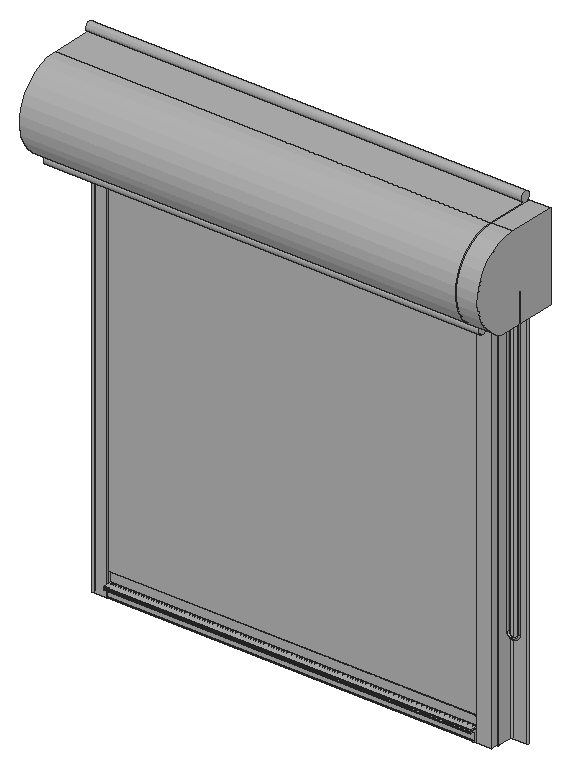
Revit family "Door_Service_FaceOfWallMount_Cookson", category Doors, host Wall, Revit 2013
Parameters (values of type "Hand-Chain Operated, Galvanized Steel")
  Sizing Disclaimer = "30’ wide, 30’ high standard construction. Larger Openings possible, consult factory"  # constant formula
  Wall Construction = "Masonry, Steel or Wood"  # constant formula
  Revit Object Download Link = "http://cornellcookson.smartbim.com/download/Door_Service_FaceOfWallMount_Cookson"
  Mounting = "Face of Wall"  # constant formula
  Motor = no
  Function = Interior
  Curtain 2 5/8" Slat = Galvanized steel (curtain only)
  Cost Note = "Based on size, materials selected. Consult Cookson"  # constant formula
  Cost = 0
  Chain = yes
  Bottom Bar = Galvanized or powder coated plain steel (non curtain components)
  Guides = Galvanized or powder coated plain steel (non curtain components)
  Hood = Galvanized or powder coated plain steel (non curtain components)
  URL Specifications = "http://www.cooksondoor.com/docs/default-source/Specifications/service-door-specification_k.doc"
  URL Photographs = "http://www.cooksondoor.com/product/service-doors"
  URL CAD = "http://www.cooksondoor.com/architect-tools-and-resources/drawing-generator?prod=sd"
  URL = "http://www.cooksondoor.com/product/service-doors"
  Subcategory = "Roll Up"  # constant formula
  Optional aluminum, color anodized finish = no
  Optional Powder Coated Finish, standard RAL colors, Galv. Steel and Aluminum only = no
  Representative Disclaimer = "Cookson products are sold and installed through a nationwide network of independent distributors"  # constant formula
  Distributor Locator = "http://www.cooksondoor.com/find-a-dealer"
  Operator Height = Height / 1.5  # 5' - 4"
  Operator = Operator : Hand-Chain
  Operation = ""
  From Coil Side Operate on Right = yes
  Model = "ESD10 "  # constant formula
  Manufacturer = "CornellCookson,Inc."  # constant formula
  From Coil Side Operate on Left = not(From Coil Side Operate on Right)  # no
  LEED Information = "http://www.cooksondoor.com/architect-tools-and-resources/leed-information"
  Height = 8' - 0"
  Wall Closure = By host
  Width = 6' - 0"
  Guide Height = Height - 1' 5 45/128"  # 6' - 6 83/128"
  Windload = "A full range of specific wind load requirements available- Consult Cookson."  # constant formula
  Coil Dimension Note = "14In to 22In -  Consult Cookson when dimensions are critical"  # constant formula
  Jamb Dimension Note = "2 3/8In to  9 3/4In wide. Consult Cornell when dimensions are critical."  # constant formula
  Drip Extension = 0' - 3"
  Description = "Built to order metal slatted rolling doors provide security against entry and/or weather protection"  # constant formula
  Assembly Code = "B2030410"
  95 CSI = "08330"  # constant formula
  04 CSI = "08 33 00"  # constant formula
Types (12): name | Revit Object Download Link | Motor | Curtain 2 5/8" Slat | Chain | Bottom Bar | Guides | Hood | Operator
  Hand-Chain Operated, Aluminium (Anodized Finish) | "http://cornellcookson.smartbim.com/download/Door-Service_FaceOfWallMount_Cookson" | no | Aluminum, anodized finish (curtain only) | yes | Aluminum, anodized finish (non-curtain components) | Aluminum, anodized finish (non-curtain components) | Aluminum, anodized finish (non-curtain components) | Operator : Hand-Chain
  Hand-Chain Operated, Aluminium (Mill Finish) | "http://cornellcookson.smartbim.com/download/Door-Service_FaceOfWallMount_Cookson" | no | Aluminum, mill finish (curtain only) | yes | Aluminum, mill finish (non-curtain components) | Aluminum, mill finish (non-curtain components) | Aluminum, mill finish (non-curtain components) | Operator : Hand-Chain
  Hand-Chain Operated, Galvanized Steel | "http://cornellcookson.smartbim.com/download/Door_Service_FaceOfWallMount_Cookson" | no | Galvanized steel (curtain only) | yes | Galvanized or powder coated plain steel (non curtain components) | Galvanized or powder coated plain steel (non curtain components) | Galvanized or powder coated plain steel (non curtain components) | Operator : Hand-Chain
  Hand-Chain Operated, Stainless Steel | "http://cornellcookson.smartbim.com/download/Door-Service_FaceOfWallMount_Cookson" | no | Stainless steel (curtain only) | yes | Stainless steel (non-curtain components) | Stainless steel (non-curtain components) | Stainless steel (non-curtain components) | Operator : Hand-Chain
  Motor Operated, Aluminium (Anodized Finish) | "http://cornellcookson.smartbim.com/download/Door-Service_FaceOfWallMount_Cookson" | yes | Aluminum, anodized finish (curtain only) | no | Aluminum, anodized finish (non-curtain components) | Aluminum, anodized finish (non-curtain components) | Aluminum, anodized finish (non-curtain components) | Operator : Motor Operator
  Motor Operated, Aluminium (Mill Finish) | "http://cornellcookson.smartbim.com/download/Door-Service_FaceOfWallMount_Cookson" | yes | Aluminum, mill finish (curtain only) | no | Aluminum, mill finish (non-curtain components) | Aluminum, mill finish (non-curtain components) | Aluminum, mill finish (non-curtain components) | Operator : Motor Operator
  Motor Operated, Galvanized Steel | "http://cornellcookson.smartbim.com/download/Door-Service_FaceOfWallMount_Cookson" | yes | Galvanized steel (curtain only) | no | Galvanized or powder coated plain steel (non curtain components) | Galvanized or powder coated plain steel (non curtain components) | Galvanized or powder coated plain steel (non curtain components) | Operator : Motor Operator
  Motor Operated, Stainless Steel | "http://cornellcookson.smartbim.com/download/Door-Service_FaceOfWallMount_Cookson" | yes | Stainless steel (curtain only) | no | Stainless steel (non-curtain components) | Stainless steel (non-curtain components) | Stainless steel (non-curtain components) | Operator : Motor Operator
  Push-Up Operated, Aluminium (Anodized Finish) | "http://cornellcookson.smartbim.com/download/Door-Service_FaceOfWallMount_Cookson" | no | Aluminum, anodized finish (curtain only) | no | Aluminum, anodized finish (non-curtain components) | Aluminum, anodized finish (non-curtain components) | Aluminum, anodized finish (non-curtain components) | Operator : Push-UP
  Push-Up Operated, Aluminium (Mill Finish) | "http://cornellcookson.smartbim.com/download/Door-Service_FaceOfWallMount_Cookson" | no | Aluminum, mill finish (curtain only) | no | Aluminum, mill finish (non-curtain components) | Aluminum, mill finish (non-curtain components) | Aluminum, mill finish (non-curtain components) | Operator : Push-UP
  Push-Up Operated, Galvanized Steel | "http://cornellcookson.smartbim.com/download/Door-Service_FaceOfWallMount_Cookson" | no | Galvanized steel (curtain only) | no | Galvanized or powder coated plain steel (non curtain components) | Galvanized or powder coated plain steel (non curtain components) | Galvanized or powder coated plain steel (non curtain components) | Operator : Push-UP
  Push-Up Operated, Stainless Steel | "http://cornellcookson.smartbim.com/download/Door-Service_FaceOfWallMount_Cookson" | no | Stainless steel (curtain only) | no | Stainless steel (non-curtain components) | Stainless steel (non-curtain components) | Stainless steel (non-curtain components) | Operator : Push-UP
Reference planes (in)
  plane 1 "Center (Front/Back)": y = 0
  plane 2 "Center (Left/Right)": x = 0
  plane 3 "Left": x = -36
  plane 4 "Right": x = 36
  plane 5 "Top": z = 75.64844
  plane 6 "Wall Edge": y = -4
  plane 7 "Left Edge of Hood": x = -42.75
  plane 8: x = -41.50126
  plane 9: y = -4
  plane 10 "Right Edge of Hood": x = 42.75
  plane 11: x = 41.5
  plane 12 "Top of Hood": z = 96
  plane 13: z = 78.64844
  plane 14 "Bottom Bar Alignment": y = -7.9375
  plane 15 "Bottom Bar Left": x = -39.25126
  plane 16 "Bottom Bar Right": x = 39.25126
  plane 17 "Bottom": z = 4.39975
  plane 18: y = -22
Forms (in)
  Extrusion 1, solid, material "Galvanized steel (curtain only)" <- "Curtain 2 5/8" Slat"
    sketch origin (0, 0, 0) x (1, 0, 0) y (0, 1, 0)
      loop
        line (-38.37626, -7.625) -> (-38.37626, -8.25) -> (38.375, -8.25) -> (38.375, -7.625) -> (-38.37626, -7.625)
    from 4.39975 to 78.64844
  Sweep 2, solid, material "Galvanized or powder coated plain steel (non curtain components)" <- "Guides"
    path origin (0, -7.9375, 0) x (1, 0, 0) y (0, 0, 1)
      loop
        line (36, 0) -> (-36, 0)
    profile "Profile_BottomBar : Profile_BottomBar" origin (0, -7.9375, 0) x (0, 0, -1) y (0, -1, 0)
      loop
        arc (-2.58725, -0.14) -> (-2.54306, -0.15831) -> (-2.52475, -0.2025) r 0.0625
        line (-2.52475, -0.2025) -> (-2.52475, -1.9525)
        arc (-2.52475, -1.9525) -> (-2.50644, -1.99669) -> (-2.46225, -2.015) r 0.0625
        line (-2.46225, -2.015) -> (-2.39975, -2.015) -> (-2.39975, -0.015) -> (-2.33875, -0.015) -> (-2.33875, -0.157)
        arc (-2.33875, -0.157) -> (-2.24825, -0.2475) -> (-2.15775, -0.157) r 0.0905
        line (-2.15775, -0.157) -> (-2.15775, -0.0625) -> (-2.09375, -0.0625) -> (-2.09375, -1.84625) -> (-1.96875, -1.84625) -> (-1.96875, -1.09625)
        arc (-1.96875, -1.09625) -> (-1.93214, -1.00786) -> (-1.84375, -0.97125) r 0.125
        line (-1.84375, -0.97125) -> (-0.25, -0.97125)
        arc (-0.25, -0.97125) -> (-0.07322, -0.89803) -> (0, -0.72125) r 0.25
        line (0, -0.72125) -> (0, 0.77875)
        arc (0, 0.77875) -> (-0.07322, 0.95553) -> (-0.25, 1.02875) r 0.25
        line (-0.25, 1.02875) -> (-1.84375, 1.02875)
        arc (-1.84375, 1.02875) -> (-1.93214, 1.06536) -> (-1.96875, 1.15375) r 0.125
        line (-1.96875, 1.15375) -> (-1.96875, 1.90375) -> (-2.09375, 1.90375) -> (-2.09375, 0.0625) -> (-2.15775, 0.0625) -> (-2.15775, 0.157)
        arc (-2.15775, 0.157) -> (-2.24825, 0.2475) -> (-2.33875, 0.157) r 0.0905
        line (-2.33875, 0.157) -> (-2.33875, 0.015) -> (-2.39975, 0.015) -> (-2.39975, 2.015) -> (-2.46225, 2.015)
        arc (-2.46225, 2.015) -> (-2.50644, 1.99669) -> (-2.52475, 1.9525) r 0.0625
        line (-2.52475, 1.9525) -> (-2.52475, 0.2025)
        arc (-2.52475, 0.2025) -> (-2.54306, 0.15831) -> (-2.58725, 0.14) r 0.0625
        line (-2.58725, 0.14) -> (-4.33725, 0.14)
        arc (-4.33725, 0.14) -> (-4.38144, 0.12169) -> (-4.39975, 0.0775) r 0.0625
        line (-4.39975, 0.0775) -> (-4.39975, -0.0775)
        arc (-4.39975, -0.0775) -> (-4.38144, -0.12169) -> (-4.33725, -0.14) r 0.0625
        line (-4.33725, -0.14) -> (-2.58725, -0.14)
Lines and regions (in)
  Opening 1
    outline origin (-90, -4, 0) x (1, 0, 0) y (0, 0, 1)
      loop
        line (54, 0) -> (126, 0) -> (126, 75.64844) -> (54, 75.64844) -> (54, 0)
  symbolic lines, style "Doors"
    curve 1: line (38.375, -7.625, 0) -> (-38.37626, -7.625, 0)
    curve 2: line (38.375, -8.25, 0) -> (38.375, -7.625, 0)
    curve 3: line (-38.37626, -8.25, 0) -> (38.375, -8.25, 0)
    curve 4: line (-38.37626, -7.625, 0) -> (-38.37626, -8.25, 0)
    curve 5: line (-36, -5.9225, 0) -> (36, -5.9225, 0)
    curve 6: line (-36, -9.9525, 0) -> (-36, -8.25, 0)
    curve 7: line (36, -9.9525, 0) -> (-36, -9.9525, 0)
    curve 8: line (36, -5.9225, 0) -> (36, -7.625, 0)
    curve 9: line (-36, -7.625, 0) -> (-36, -5.9225, 0)
    curve 10: line (36, -8.25, 0) -> (36, -9.9525, 0)
Text (in)
  text "Exterior" at (-74.96733, 27.31104, 0), in view "Ref. Level"
  text "Interior" at (-74.96733, -25.14366, 0), in view "Ref. Level"
  text "Exterior" at (0, 40.15149, 123.01588), in view "Right"
  text "Interior" at (0, -64.39139, 123.01588), in view "Right"
  text "Interior" at (0, -63.63426, 123.00693), in view "Left"
  text "Exterior" at (0, 54.57065, 123.00693), in view "Left"
Dimensions and locks (in)
  equal spacing: plane 3 "Left", plane 2 "Center (Left/Right)", plane 4 "Right"
  "Width": plane 3 "Left" to plane 4 "Right"
  locked: plane 7 "Left Edge of Hood" to plane 3 "Left" at 6.75
  locked: plane 9 to plane 6 "Wall Edge"
  locked: plane 10 "Right Edge of Hood" to plane 4 "Right" at 6.75
  locked: plane 4 "Right" to plane 11 at 5.5
  locked: plane 8 to plane 3 "Left" at 5.50126
  locked: nested 1 to Extrusion 1 sketch curve at 0.625
  locked: Extrusion 1 sketch curve to nested 2 at 0.625
  locked: Extrusion 1 sketch curve to Extrusion 1 sketch curve at 0.625
  "Drip Extension": plane 13 to plane 5 "Top"
  locked: plane 12 "Top of Hood" to plane 13 at 17.35156
  locked: plane 14 "Bottom Bar Alignment" to plane 9 at 3.9375
  locked: plane 15 "Bottom Bar Left" to plane 3 "Left" at 3.25126
  locked: plane 4 "Right" to plane 16 "Bottom Bar Right" at 3.25126
  locked: level to plane 17 "Bottom" at 4.39975
  plane 4 "Right" to plane 10 "Right Edge of Hood" = 0' - 6 3/4"
  "Height": plane 12 "Top of Hood" to level
  nested 3 to nested 3 = 1' - 5"
  locked: host wall to plane 18 at 18
  aligned and locked: plane 3 "Left" to Opening 1 sketch curve
  aligned and locked: plane 5 "Top" to Opening 1 sketch curve  (x2)
  aligned and locked: Opening 1 sketch curve to plane 4 "Right"
  aligned and locked: Opening 1 sketch curve to level
  aligned and locked: plane 6 "Wall Edge" to host wall
  aligned and locked: nested 1 to plane 9
  aligned and locked: nested 1 to plane 8
  aligned and locked: plane 11 to nested 2
  aligned and locked: plane 9 to nested 2
  aligned and locked: level to Sweep 2 sketch curve
  aligned and locked: plane 4 "Right" to Sweep 2 sketch curve
  aligned and locked: plane 3 "Left" to Sweep 2 sketch curve
  aligned and locked: Extrusion 1 to Sweep 2
  aligned and locked: plane 13 to Extrusion 1
  aligned and locked: nested 3 to plane 13
  aligned and locked: level to nested 2
  aligned and locked: nested 1 to level
  aligned and locked: nested 3 to plane 2 "Center (Left/Right)"
  aligned and locked: plane 6 "Wall Edge" to nested 3
  aligned and locked: plane 18 to nested 3
  aligned and locked: curve 1 to Extrusion 1
  aligned and locked: curve 2 to Extrusion 1
  aligned and locked: curve 3 to Extrusion 1
  aligned and locked: curve 4 to Extrusion 1
  aligned and locked: curve 5 to Sweep 2
  aligned and locked: curve 6 to Sweep 2
  aligned and locked: curve 7 to Sweep 2
  aligned and locked: curve 8 to Sweep 2
Automatic sketch dimensions
  plane 14 "Bottom Bar Alignment" to Extrusion 1 sketch curve = 0' - 0 5/16"
  curve 4 to plane 14 "Bottom Bar Alignment" = 0' - 0 5/16"
  plane 15 "Bottom Bar Left" to curve 4 = 0' - 0 7/8"
  plane 16 "Bottom Bar Right" to curve 2 = 0' - 0.87626"
  plane 14 "Bottom Bar Alignment" to curve 3 = 0' - 0 5/16"
  plane 14 "Bottom Bar Alignment" to curve 6 = 0' - 0 5/16"
  curve 8 to plane 14 "Bottom Bar Alignment" = 0' - 0 5/16"
  curve 10 to plane 4 "Right" = 0' - 0"
  plane 14 "Bottom Bar Alignment" to curve 10 = 0' - 0 5/16"
  curve 9 to plane 3 "Left" = 0' - 0"
  curve 9 to plane 14 "Bottom Bar Alignment" = 0' - 0 5/16"
Nested families (in)
  nested 1: "Guide-Wall" at (-41.50126, -4, 0), type "Guide"
  nested 2: "Guide-Wall" at (41.5, -4, 0) x (-1, 0, 0) z (0, 0, 1), type "Guide"
  nested 3: "Operator" at (0, -12.5, -8.8478), type <- "Operator", type "Hand-Chain"
Definition of nested family "Guide-Wall"
  Parameters (values of type "Guide")
    Height = 6' - 6 83/128"
    Guide = Galvanized or powder coated plain steel (non curtain components)
    Assembly Code = ""
  Reference planes (in)
    plane 1 "Center (Front/Back)": y = 0
    plane 2: z = 0
    plane 3 "Center (Left/Right)": x = 0
    plane 4: z = 78.64844
    plane 5 "Center Line": x = 4.5
    plane 6: y = -0.25
    plane 7: y = -3.75
    plane 8: y = -3.5
  Forms (in)
    Extrusion 1, solid, material "Galvanized or powder coated plain steel (non curtain components)" <- "Guide"
      sketch origin (0, 0, 0) x (1, 0, 0) y (0, 1, 0)
        loop
          line (-1, -0.25) -> (1.625, -0.25)
          arc (1.625, -0.25) -> (1.89017, -0.35983) -> (2, -0.625) r 0.375
          line (2, -0.625) -> (2, -3.25)
          arc (2, -3.25) -> (2.07322, -3.42678) -> (2.25, -3.5) r 0.25
          line (2.25, -3.5) -> (2.25, -4.75) -> (5.25, -4.75)
          arc (5.25, -4.75) -> (5.17678, -4.57322) -> (5, -4.5) r 0.25
          line (5, -4.5) -> (2.875, -4.5)
          arc (2.875, -4.5) -> (2.60983, -4.39017) -> (2.5, -4.125) r 0.375
          line (2.5, -4.125) -> (2.5, -3.062) -> (5.5, -3.062)
          arc (5.5, -3.062) -> (5.44508, -2.92942) -> (5.3125, -2.8745) r 0.1875
          line (5.3125, -2.8745) -> (3, -2.8745)
          arc (3, -2.8745) -> (2.77903, -2.78297) -> (2.6875, -2.562) r 0.3125
          line (2.6875, -2.562) -> (2.6875, -1.2495)
          arc (2.6875, -1.2495) -> (2.63258, -1.11692) -> (2.5, -1.062) r 0.1875
          line (2.5, -1.062) -> (2.5, -1.5)
          arc (2.5, -1.5) -> (2.42678, -1.32322) -> (2.25, -1.25) r 0.25
          line (2.25, -1.25) -> (2.25, 0) -> (-1.25, 0)
          arc (-1.25, 0) -> (-1.17678, -0.17678) -> (-1, -0.25) r 0.25
      from 0 to 78.64844
  Lines and regions (in)
    symbolic lines
      curve 1: line (2.25, 0, 0) -> (2.25, -4.75, 0)
      curve 2: line (2.5, -3.5, 0) -> (2.5, -1.5, 0)
      curve 3: line (4, -3.062, 0) -> (4.75, -3.062, 0)
    symbolic lines, style "GenericModel"
      curve 4: line (2.6875, -2.562, 0) -> (2.6875, -1.2495, 0)
      curve 5: arc (3, -2.8745, 0) -> (2.77903, -2.78297, 0) -> (2.6875, -2.562, 0) r 0.3125
      curve 6: line (5.3125, -2.8745, 0) -> (3, -2.8745, 0)
      curve 7: arc (2.6875, -1.2495, 0) -> (2.63258, -1.11692, 0) -> (2.5, -1.062, 0) r 0.1875
      curve 8: arc (5.5, -3.062, 0) -> (5.44508, -2.92942, 0) -> (5.3125, -2.8745, 0) r 0.1875
      curve 9: line (2.5, -3.062, 0) -> (5.5, -3.062, 0)
      curve 10: line (2.5, -1.062, 0) -> (2.5, -1.5, 0)
      curve 11: arc (2.5, -1.5, 0) -> (2.42678, -1.32322, 0) -> (2.25, -1.25, 0) r 0.25
      curve 12: arc (2.875, -4.5, 0) -> (2.60983, -4.39017, 0) -> (2.5, -4.125, 0) r 0.375
      curve 13: line (5, -4.5, 0) -> (2.875, -4.5, 0)
      curve 14: arc (5.25, -4.75, 0) -> (5.17678, -4.57322, 0) -> (5, -4.5, 0) r 0.25
      curve 15: line (2.5, -4.125, 0) -> (2.5, -3.062, 0)
      curve 16: line (2.25, -4.75, 0) -> (5.25, -4.75, 0)
      curve 17: line (2.25, -3.5, 0) -> (2.25, -4.75, 0)
      curve 18: arc (2, -3.25, 0) -> (2.07322, -3.42678, 0) -> (2.25, -3.5, 0) r 0.25
      curve 19: line (2, -0.625, 0) -> (2, -3.25, 0)
      curve 20: arc (1.625, -0.25, 0) -> (1.89017, -0.35983, 0) -> (2, -0.625, 0) r 0.375
      curve 21: line (-1, -0.25, 0) -> (1.625, -0.25, 0)
      curve 22: line (2.25, -1.25, 0) -> (2.25, 0, 0)
      curve 23: line (2.25, 0, 0) -> (-1.25, 0, 0)
      curve 24: arc (-1.25, 0, 0) -> (-1.17678, -0.17678, 0) -> (-1, -0.25, 0) r 0.25
  Dimensions and locks (in)
    "Height": plane 4 to plane 2
    locked: plane 3 "Center (Left/Right)" to plane 5 "Center Line" at 4.5
    aligned and locked: plane 2 to level
    aligned and locked: plane 1 "Center (Front/Back)" to Extrusion 1 sketch curve
    aligned and locked: plane 6 to Extrusion 1
    aligned and locked: plane 4 to Extrusion 1
    aligned and locked: curve 1 to Extrusion 1
    aligned and locked: plane 8 to curve 2
    aligned and locked: Extrusion 1 to curve 2
    aligned and locked: curve 5 to Extrusion 1
    aligned and locked: curve 7 to Extrusion 1
    aligned and locked: curve 8 to Extrusion 1
    aligned and locked: curve 9 to Extrusion 1
    aligned and locked: curve 10 to Extrusion 1
    aligned and locked: curve 11 to Extrusion 1
    aligned and locked: curve 12 to Extrusion 1
    aligned and locked: curve 14 to Extrusion 1
    aligned and locked: curve 16 to Extrusion 1
    aligned and locked: curve 17 to Extrusion 1
    aligned and locked: curve 18 to Extrusion 1
    aligned and locked: curve 20 to Extrusion 1
    aligned and locked: curve 22 to Extrusion 1
    aligned and locked: curve 23 to Extrusion 1
    aligned and locked: curve 24 to Extrusion 1
  Automatic sketch dimensions
    Extrusion 1 sketch curve to plane 8 = 0' - 0"
    plane 5 "Center Line" to Extrusion 1 sketch curve = 0' - 0 3/4"
    plane 7 to Extrusion 1 sketch curve = 0' - 1"
    Extrusion 1 sketch curve to Extrusion 1 sketch curve = 0' - 0 1/4"  (x4)
    Extrusion 1 sketch curve to Extrusion 1 sketch curve = 0' - 0 3/8"
    Extrusion 1 sketch curve to Extrusion 1 sketch curve = 0' - 0 5/16"
    Extrusion 1 sketch curve to Extrusion 1 sketch curve = 0' - 0 3/16"  (x2)
    Extrusion 1 sketch curve to Extrusion 1 sketch curve = 0' - 2.2505"
    plane 3 "Center (Left/Right)" to Extrusion 1 sketch curve = 0' - 1 5/8"
    Extrusion 1 sketch curve to Extrusion 1 sketch curve = 0' - 0 5/8"
    Extrusion 1 sketch curve to Extrusion 1 sketch curve = 0' - 1 3/4"
    Extrusion 1 sketch curve to plane 6 = 0' - 0"
    Extrusion 1 sketch curve to plane 6 = 0' - 0 3/8"
    Extrusion 1 sketch curve to plane 3 "Center (Left/Right)" = 0' - 1"
    curve 3 to plane 8 = 0' - 0.438"
    Extrusion 1 sketch curve to Extrusion 1 sketch curve = 0' - 0.188"
    plane 5 "Center Line" to Extrusion 1 sketch curve = 0' - 0 13/16"
    curve 3 to plane 5 "Center Line" = 0' - 0 1/2"
    plane 5 "Center Line" to curve 3 = 0' - 0 1/4"
    plane 8 to curve 17 = 0' - 0"
    curve 22 to curve 11 = 0' - 0"
Definition of nested family "Operator"
  Parameters (values of type "Motor Operator")
    Straight = no
    Overall Width = Width + (2 * 0' 6 3/4")  # 7' - 1 1/2"
    Motor Visibility = not(Motor)  # yes
    Inner Width = Width - 2 * 0' 11"  # 4' - 2"
    Roller Chamber = Aluminum, anodized finish (non-curtain components)
    Right = yes
    Pull = no
    Width = 6' - 0"
    Operator Height = Height / 1.5  # 5' - 4"
    Motor = no
    Material = Aluminum, anodized finish (non-curtain components)
    Left = no
    Height = 8' - 0"
    Chain = no
    Bottom Bar = Aluminum, anodized finish (non-curtain components)
    Assembly Code = ""
  Types (3): name | Straight | Pull | Left | Chain
    Hand-Chain | yes | no | no | yes
    Motor Operator | no | no | no | no
    Push-UP | yes | yes | yes | no
  Reference planes (in)
    plane 1 "Center (Front/Back)": y = 0
    plane 2: z = 0
    plane 3 "Center (Left/Right)": x = 0
    plane 4: x = -25
    plane 5: x = 25
    plane 6: z = 96
    plane 7: y = 8.5
    plane 8: z = 87.49623
    plane 9: x = 42.75
    plane 10: x = -42.75
    plane 11: y = -27.30859
    plane 12: z = 104.87645
    plane 13: x = -36
    plane 14: x = 36
    plane 15: y = -9.5
  Forms (in)
    Sweep 1, solid, material "Aluminum, anodized finish (non-curtain components)" <- "Bottom Bar"
      path origin (-42.75, -180, 87.49623) x (0, -1, 0) y (1, 0, 0)
        loop
          line (-188.5, 0) -> (-188.5, 85.5)
      profile "Profile_Hood : Profile_Hood" origin (0, 8.5, 87.49623) x (0, 1, 0) y (0, 0, 1)
        loop
          line (0, 17.00521) -> (-0.66297, 17.00521)
          arc (-0.66297, 17.00521) -> (-0.90144, 18.75706) -> (-1.09786, 17) r 0.89077
          line (-1.09786, 17) -> (-9.29496, 17)
          arc (-9.29496, 17) -> (-17.9131, 9.52117) -> (-11.72268, -0.06445) r 8.70492
          arc (-11.72268, -0.06445) -> (-11.23442, -1.71462) -> (-11.38123, 0) r 0.86487
          line (-11.38123, 0) -> (0, 0) -> (0, 17.00521)
    Sweep 2, solid, material "Aluminum, anodized finish (non-curtain components)" <- "Bottom Bar", visible <- "Pull"
      path origin (-42.75, -200.5, 87.49623) x (0, -1, 0) y (1, 0, 0)
        loop
          line (-209, 0) -> (-209, 85.5)
      profile "Profile_Hood : Profile_Hood" origin (0, 8.5, 87.49623) x (0, 1, 0) y (0, 0, 1)
        loop
          line (0, 17.00521) -> (-0.66297, 17.00521)
          arc (-0.66297, 17.00521) -> (-0.90144, 18.75706) -> (-1.09786, 17) r 0.89077
          line (-1.09786, 17) -> (-9.29496, 17)
          arc (-9.29496, 17) -> (-17.9131, 9.52117) -> (-11.72268, -0.06445) r 8.70492
          arc (-11.72268, -0.06445) -> (-11.23442, -1.71462) -> (-11.38123, 0) r 0.86487
          line (-11.38123, 0) -> (0, 0) -> (0, 17.00521)
    Sweep 3, solid, material "Aluminum, anodized finish (non-curtain components)" <- "Bottom Bar", visible <- "Chain"
      path origin (-42.75, -219.5, 87.49623) x (0, -1, 0) y (1, 0, 0)
        loop
          line (-228, 0) -> (-228, 85.5)
      profile "Profile_Hood : Profile_Hood" origin (0, 8.5, 87.49623) x (0, 1, 0) y (0, 0, 1)
        loop
          line (0, 17.00521) -> (-0.66297, 17.00521)
          arc (-0.66297, 17.00521) -> (-0.90144, 18.75706) -> (-1.09786, 17) r 0.89077
          line (-1.09786, 17) -> (-9.29496, 17)
          arc (-9.29496, 17) -> (-17.9131, 9.52117) -> (-11.72268, -0.06445) r 8.70492
          arc (-11.72268, -0.06445) -> (-11.23442, -1.71462) -> (-11.38123, 0) r 0.86487
          line (-11.38123, 0) -> (0, 0) -> (0, 17.00521)
  Lines and regions (in)
    symbolic lines, style "GenericModelHiddenLines", visible <- "Left"
      curve 1: line (-21.75, -9.5, 0) -> (42.75, -9.5, 0)
    symbolic lines, style "GenericModelHiddenLines", visible <- "Right"
      curve 2: line (-42.75, -9.5, 0) -> (21.75, -9.5, 0)
    symbolic lines, style "GenericModelHiddenLines", visible <- "Straight"
      curve 3: line (-42.75, -9.5, 0) -> (42.75, -9.5, 0)
    symbolic lines, style "GenericModelHiddenLines", visible <- "Motor Visibility"
      curve 4: line (-42.75, -9.5, 0) -> (42.75, -9.5, 0)
    symbolic lines, style "GenericModelHiddenLines"
      curve 5: line (-42.75, -9.5, 0) -> (-42.75, 8.5, 0)
      curve 6: line (42.75, -9.5, 0) -> (42.75, 8.5, 0)
  Dimensions and locks (in)
    equal spacing: plane 4, plane 3 "Center (Left/Right)", plane 5
    "Inner Width": plane 4 to plane 5
    "Height": plane 6 to level
    locked: plane 7 to plane 1 "Center (Front/Back)" at 8.5
    locked: plane 6 to plane 8 at 8.50377
    locked: plane 7 to plane 11 at 35.80859
    locked: plane 12 to plane 6 at 8.87645
    equal spacing: plane 14, plane 3 "Center (Left/Right)", plane 13
    "Width": plane 14 to plane 13
    locked: plane 13 to plane 10 at 6.75
    locked: plane 14 to plane 9 at 6.75
    locked: plane 15 to plane 7 at 18
    aligned and locked: plane 1 "Center (Front/Back)" to nested 1
    aligned and locked: plane 7 to Sweep 1 sketch curve
    aligned and locked: Sweep 3 sketch curve to plane 7
    aligned and locked: Sweep 2 sketch curve to plane 7
    aligned and locked: Sweep 3 to Sweep 2 sketch curve  (x2)
    aligned and locked: plane 10 to Sweep 3 sketch curve
    aligned and locked: plane 9 to Sweep 3 sketch curve
    aligned and locked: plane 9 to Sweep 1 sketch curve
    aligned and locked: plane 10 to Sweep 1 sketch curve
    aligned and locked: plane 6 to nested 1
    aligned and locked: nested 2 to plane 6
    aligned and locked: plane 9 to Sweep 3
    aligned and locked: Sweep 3 to plane 10
    aligned and locked: plane 10 to nested 2
    aligned and locked: nested 1 to plane 9
    aligned and locked: nested 2 to curve 1
    aligned and locked: plane 15 to curve 1
    aligned and locked: plane 10 to curve 2
    aligned and locked: nested 1 to curve 2
    aligned and locked: plane 15 to curve 2
    aligned and locked: plane 7 to curve 6
    aligned and locked: plane 15 to curve 6
    aligned and locked: plane 7 to curve 5
    aligned and locked: plane 9 to curve 6
  Nested families (in)
    nested 1: "Pull-Down-Pole" at (48.625, 0, 32), visible <- "Right", type "Pull"
      with Pull no
    nested 2: "Pull-Down-Pole" at (-48.625, 0, 32) x (-1, 0, 0) z (0, 0, 1), visible <- "Left", type "Pull"
      with Pull no
  Definition of nested family "Pull-Down-Pole"
    Parameters (values of type "Pull")
      Pull = yes
      Motor = no
      Material = Galvanized or powder coated plain steel (non curtain components)
      Height = 5' - 4"
      Chain = no
      Bottom Bar = Galvanized or powder coated plain steel (non curtain components)
      Assembly Code = ""
    Reference planes (in)
      plane 1 "Center (Front/Back)": y = 0
      plane 2: z = 0
      plane 3 "Center (Left/Right)": x = 0
      plane 4: z = 64
      plane 5: y = -9.5
      plane 6: y = -20.875
    Forms (in)
      Extrusion 1, solid, material "Galvanized or powder coated plain steel (non curtain components)" <- "Material", visible <- "Motor"
        sketch origin (0, 0, 0) x (1, 0, 0) y (0, 0, 1)
          loop
            line (-26.875, 72.49609) -> (-26.875, 55.49609) -> (-5.875, 55.49609) -> (-5.875, 72.49609) -> (-26.875, 72.49609)
        from 9.5 to 20.875
      Extrusion 2, solid, material "Galvanized or powder coated plain steel (non curtain components)" <- "Bottom Bar", visible <- "Chain"
        sketch origin (-9.625, 8.5, 55.71152) x (0, 0, 1) y (0, -1, 0)
          loop
            line (16.78587, 0) -> (16.78587, 9.29496)
            arc (16.78587, 9.29496) -> (9.41654, 17.89681) -> (-0.21413, 11.93449) r 8.70492
            line (-0.21413, 11.93449) -> (-0.21413, 0) -> (16.78587, 0)
        from 3.75 to 8
      Sweep 3, solid, material "Galvanized or powder coated plain steel (non curtain components)" <- "Material", visible <- "Chain"
        path origin (0, 2, 0) x (1, 0, 0) y (0, 0, 1)
          loop
            line (-4.875, 64) -> (-4.875, 0)
            arc (-4.875, 0) -> (-3.75, -1.125) -> (-2.625, 0) r 1.125
            line (-2.625, 0) -> (-2.625, 64)
        profile origin (-4.875, 2, 32) x (0, -1, 0) y (1, 0, 0)
          loop
            circle (0, 0) r 0.15023
      Extrusion 4, solid, material "Galvanized or powder coated plain steel (non curtain components)" <- "Bottom Bar", visible <- "Pull"
        sketch origin (54.75, -180, 27.7901) x (0, 0, 1) y (0, -1, 0)
          loop
            line (27.70729, -188.5) -> (44.70729, -188.5) -> (44.70729, -179.20504)
            arc (44.70729, -179.20504) -> (37.33795, -170.60319) -> (27.70729, -176.56551) r 8.70492
            line (27.70729, -176.56551) -> (27.70729, -188.5)
        from -56.375 to -60.625
    Lines and regions (in)
      symbolic lines, style "GenericModelHiddenLines", visible <- "Motor"
        curve 1: line (-26.875, -20.875, 0) -> (-26.875, -9.5, 0)
        curve 2: line (-26.875, -20.875, 0) -> (-5.875, -20.875, 0)
        curve 3: line (-5.875, -20.875, 0) -> (-5.875, -9.5, 0)
    Dimensions and locks (in)
      "Height": plane 4 to level
      locked: plane 3 "Center (Left/Right)" to Extrusion 1 sketch curve at 5.875
      locked: Extrusion 1 sketch curve to Extrusion 1 sketch curve at 21
      locked: plane 4 to Extrusion 1 sketch curve at 8.50391
      locked: Extrusion 1 sketch curve to plane 4 at 8.49609
      plane 1 "Center (Front/Back)" to plane 5 = 0' - 9 1/2"
      locked: plane 5 to plane 6 at 11.375
      locked: Extrusion 2 to Sweep 3 sketch curve at 1
      locked: Sweep 3 sketch curve to Extrusion 1 at 1
      plane 1 "Center (Front/Back)" to Extrusion 2 sketch curve = 0' - 9.49988"
      Extrusion 4 to Extrusion 4 = 1' - 5"
      aligned and locked: plane 6 to Extrusion 1
      aligned and locked: level to Sweep 3 sketch curve
      aligned and locked: Extrusion 4 to Extrusion 2  (x2)
      aligned and locked: plane 4 to Sweep 3 sketch curve  (x2)
      aligned and locked: plane 5 to Extrusion 1
      aligned and locked: plane 5 to curve 3
      aligned and locked: plane 5 to curve 1
      aligned and locked: plane 6 to curve 1
      aligned and locked: curve 1 to Extrusion 1
      aligned and locked: curve 3 to Extrusion 1
    Automatic sketch dimensions
      Sweep 3 sketch curve to plane 1 "Center (Front/Back)" = 0' - 2"
      Sweep 3 sketch curve to profile plane = 0' - 0"
      Extrusion 4 sketch curve to plane 4 = 0' - 8.50261"
      Extrusion 4 sketch curve to plane 4 = 0' - 0.20752"
      plane 1 "Center (Front/Back)" to Extrusion 4 sketch curve = 0' - 0.79496"
      Extrusion 4 sketch curve to Extrusion 4 sketch curve = 0' - 8.70492"
      Extrusion 4 sketch curve to Extrusion 4 sketch curve = 0' - 11.93449"
      plane 1 "Center (Front/Back)" to Extrusion 2 sketch curve = 0' - 3.43449"
      Extrusion 2 sketch curve to plane 4 = 0' - 8.50261"
      Extrusion 2 sketch curve to plane 4 = 0' - 0.20752"
      plane 1 "Center (Front/Back)" to Extrusion 2 sketch curve = 0' - 0.79496"
      Extrusion 2 sketch curve to plane 1 "Center (Front/Back)" = 0' - 8 1/2"
      radius of Sweep 3 sketch curve = 0' - 0.15023"
